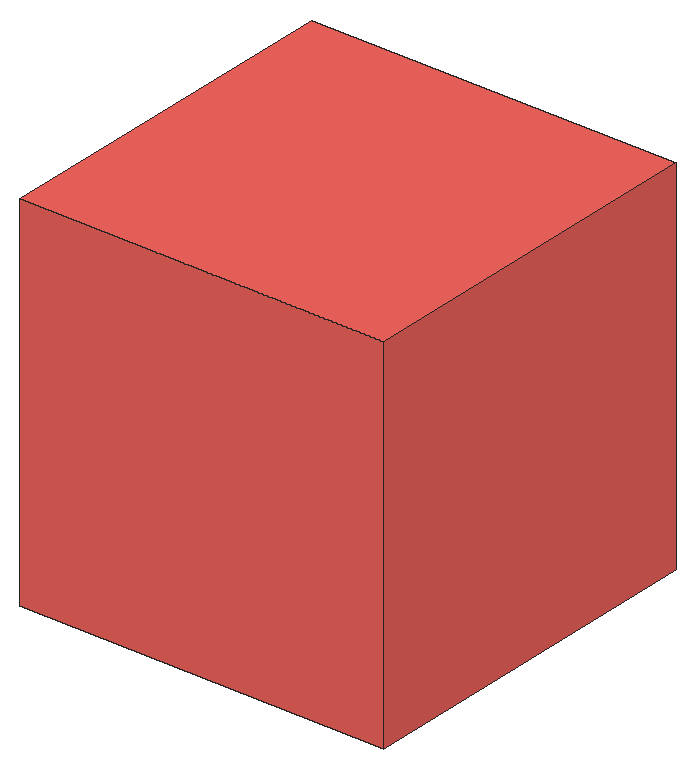
Revit family "ALG_Marker_PfV", category Allgemeines Modell, Revit 2016
Family settings
  Teiletyp = Normal
  Kann Basisbauteil für Bewehrung sein = Nein
  Bemaßung runder Anschluss = Durchmesser verwenden
  Arbeitsebenenbasiert = Nein
  Immer vertikal = Ja
  Beim Laden mit Abzugskörper schneiden = Nein
  Gemeinsam genutzt = Nein
  Raumberechnungspunkt = Nein
Parameters
  LhalbeMalMinusEins = Lhalbe * -1  # -250 mm
  Lhalbe = L / 2  # 250 mm
  L = 500 mm
Reference planes
  plane 1 "Mitte (Vorne/Hinten)": y = 0
  plane 2: z = 0
  plane 3 "Mitte (Links/Rechts)": x = 0
Forms (mm)
  Extrusion 1, solid, material "Marker"
    sketch origin (0, 0, 0) x (1, 0, 0) y (0, 1, 0)
      loop
        line (-250, 250) -> (-250, -250) -> (250, -250) -> (250, 250) -> (-250, 250)
    from -250 <- "LhalbeMalMinusEins" to 250 <- "Lhalbe"
Dimensions and locks
  equal spacing: Extrusion 1 sketch curve, plane 1 "Mitte (Vorne/Hinten)", Extrusion 1 sketch curve
  equal spacing: Extrusion 1 sketch curve, plane 3 "Mitte (Links/Rechts)", Extrusion 1 sketch curve
  "L": Extrusion 1 sketch curve to Extrusion 1 sketch curve  (x2)
  aligned and locked: level to plane 2
